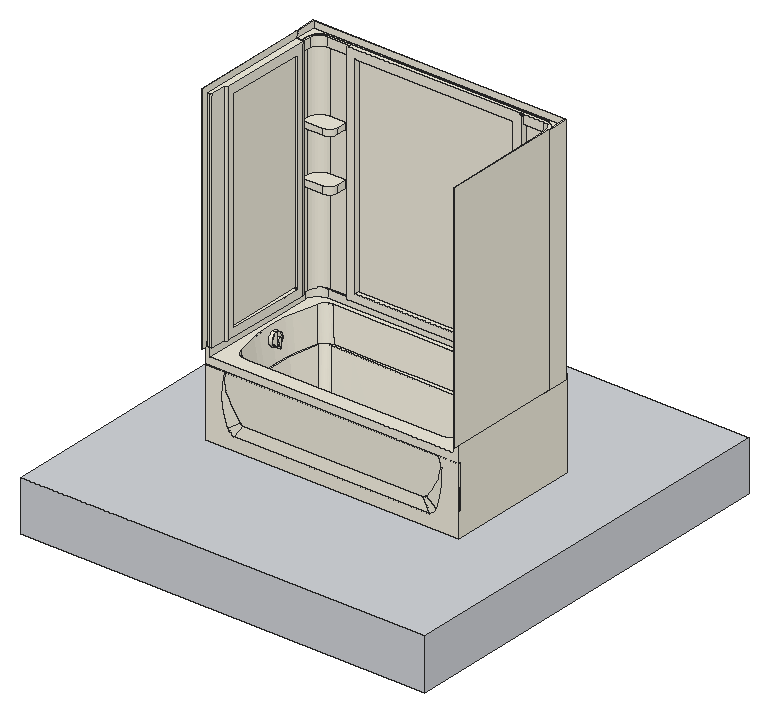
Revit family
Parameters (values of type "Vikrell-96-Biscuit")
  Width [instance] = 5' - 0"
  Waste Connection = yes
  WFU = 0
  URL = "http://www.sterlingplumbing.com/"
  Sanitary Radius = 1"
  Sanitary Drain Height = 0' - 2"
  Sanitary Diameter = Sanitary Radius * 2  # 2"
  Sanitary Connector = "Sanitary Connector"  # constant formula
  Product Page URL = "http://www.sterlingplumbing.com/detail?productNumber=71120110"
  Product Documentation Link = "http://www.sterlingplumbing.com/onlinecatalog/pdf/1032205_4.pdf"
  Model = "71120110"  # constant formula
  Manufacturer = "Sterling Plumbing"  # constant formula
  Length [instance] = 2' - 9 1/4"
  Height = 6' - 3 1/4"
  Finish = Vikrell-Kohler-96-Biscuit
  Description = "Ensemble, Series 7112, 60in x 32in x 74in Tile Bath/Shower - Left-hand Drain"  # constant formula
  Default Elevation = 0' - 0"
  Assembly Code = "D2010510"
Types (4): name | Height | Finish
  (no name) | 6' - 3 1/4" | Vikrell-Kohler-96-Biscuit
  Vikrell-0-White | 6' - 1 1/4" | Vikrell-Kohler-0-White
  Vikrell-47-Almond | 6' - 1 1/4" | Vikrell-Kohler-47-Almond
  Vikrell-96-Biscuit | 6' - 3 1/4" | Vikrell-Kohler-96-Biscuit
Reference planes (in)
  plane 1 "Center (Front/Back)": y = 0
  plane 2 "Bottom": z = 0
  plane 3 "Center (Left/Right)": x = 0
  plane 4 "Back": y = 16.625
  plane 5 "Front": y = -16.625
  plane 6 "Left": x = -30
  plane 7 "Right": x = 30
  plane 8 "Top": z = 75.25
  plane 9: z = 2
  plane 10: y = 1.125
Forms (in)
  Extrusion 1, solid
    sketch origin (0, 0, 0) x (1, 0, 0) y (0, 1, 0)
      loop
        line (-48, 48) -> (-48, -48) -> (48, -48) -> (48, 48) -> (-48, 48)
    from 0 to -12
  Extrusion 2, solid, material "Vikrell-Kohler-96-Biscuit" <- "Finish", not visible
    sketch origin (0, 0, 3) x (0, 1, 0) y (0, 0, 1)
      loop
        circle (1.125, -1) r 1
    from -29.60129 to -29.75249
Dimensions and locks (in)
  "Width": plane 6 "Left" to plane 7 "Right"
  "Length": plane 4 "Back" to plane 5 "Front"
  "Height": plane 8 "Top" to plane 2 "Bottom"
  "Sanitary Drain Height": plane 9 to level
  "Sanitary Radius": radius of Extrusion 2 sketch curve
  aligned and locked: plane 2 "Bottom" to Extrusion 1
  aligned and locked: level to Extrusion 1
  aligned and locked: plane 9 to Extrusion 2 sketch curve
  aligned and locked: plane 10 to Extrusion 2 sketch curve
Automatic sketch dimensions
  Extrusion 1 sketch curve to Extrusion 1 sketch curve = 8' - 0"  (x2)
Nested families (in)
  nested 1: "71120110" at (0, 0, 0), type "71120110"
Connectors (in)
  piping at (-29.75249, 1.125, 2), driven by "Sanitary Radius", driven by "Waste Connection", driven by "Sanitary Connector", driven by "WFU"
    settings: on Extrusion 2, index 1, connector radius 1", flow factor 0, pipe flow 0 GPM, pressure drop 0.00 psi, fitting loss kfactor 0, connector angle 0.00°, fixture units 0, flow configuration 3, flow direction 2, fitting loss method 0, system type 16, connector reference index -1, connector utility 1, adjustable connector yes, is connector primary yes, fitting loss table "", connector description "Sanitary Connector"
Definition of nested family "71120110"
  Parameters (values of type "71120110")
    Finish = Vikrell-Kohler-0-White
    Assembly Code = ""
  Reference planes (in)
    plane 1 "Center (Front/Back)": y = 0
    plane 2: z = 0
    plane 3 "Center (Left/Right)": x = 0
    plane 4: y = 16.625
    plane 5: x = -30
    plane 6: y = -16.625
    plane 7: x = 30
    plane 8: z = 75.25
  Forms (in)
    Extrusion 1, solid, material "Vikrell-Kohler-0-White" <- "Finish", detail levels coarse
      sketch origin (0, 0, 0) x (1, 0, 0) y (0, 1, 0)
        loop
          line (-30, 16.625) -> (-30, -16.625) -> (30, -16.625) -> (30, 16.625) -> (-30, 16.625)
      from 0 to 75.25
  Lines and regions (in)
    Masking region 1, detail levels coarse
      outline origin (0, 0, 0) x (1, 0, 0) y (0, 1, 0)
        loop
          line (-30, 16.625) -> (-30, -16.625) -> (30, -16.625) -> (30, 16.625) -> (-30, 16.625)
    Masking region 2, detail levels medium+fine
      outline origin (0, 0, 0) x (1, 0, 0) y (0, 1, 0)
        loop
          line (-29.89, -15.47499) -> (29.89, -15.47499) -> (29.89, -16.625) -> (29.99903, -16.625) -> (29.99903, 16.625) -> (-30, 16.625) -> (-30, -16.625) -> (-29.89, -16.625) -> (-29.89, -15.47499)
    Masking region 3
      outline origin (0, 0, 0) x (1, 0, 0) y (0, 0, 1)
        loop
          line (-30, 75.25) -> (-30, 0) -> (30, 0) -> (30, 75.25) -> (-30, 75.25)
    Masking region 4, detail levels coarse
      outline origin (0, 0, 0) x (0, 1, 0) y (0, 0, 1)
        loop
          line (16.625, 75.25) -> (-16.625, 75.25) -> (-16.625, 0) -> (16.625, 0) -> (16.625, 75.25)
    Masking region 5, detail levels medium+fine
      outline origin (0, 0, 0) x (0, 1, 0) y (0, 0, 1)
        loop
          line (16.38507, 75.25) -> (-16.625, 75.25) -> (-16.625, 0) -> (-15.47499, 0) -> (-15.47499, 17.99775) -> (15.5854, 17.99775) -> (15.5854, 19.82121) -> (16.625, 19.82121) -> (16.625, 21) -> (16.38507, 21) -> (16.38507, 75.25)
    symbolic lines, style "Masking Lines", detail levels medium+fine
      curve 1: line (-29.89, -16.625, 0) -> (-29.89, -15.375, 0)
      curve 2: line (-29.89, -15.375, 0) -> (-29.08426, -15.35902, 0)
      curve 3: arc (-29.08426, -15.35902, 0) -> (-28.91209, -15.2877, 0) -> (-28.84078, -15.11553, 0) r 0.24349
      curve 4: line (-28.84078, -15.11553, 0) -> (-28.79347, -11.57189, 0)
      curve 5: arc (-28.79347, -11.57189, 0) -> (-28.76277, -11.49776, 0) -> (-28.68864, -11.46706, 0) r 0.10483
      curve 6: arc (-28.68864, -11.46706, 0) -> (-28.39191, -11.30344, 0) -> (-28.2949, -10.97876, 0) r 0.44753
      curve 7: line (-28.2949, -10.97876, 0) -> (-28.01584, 10.89104, 0)
      curve 8: arc (-28.01584, 10.89104, 0) -> (-28.15203, 11.24613, 0) -> (-28.50033, 11.39882, 0) r 0.49332
      curve 9: line (-28.50033, 11.39882, 0) -> (-28.68868, 11.40211, 0)
      curve 10: line (-28.66063, 12.86742, 0) -> (-28.68868, 11.40211, 0)
      curve 11: arc (-25.66668, 15.81507, 0) -> (-27.76742, 14.95449, 0) -> (-28.66063, 12.86742, 0) r 2.99432
      curve 12: line (25.66668, 15.81507, 0) -> (-25.66668, 15.81507, 0)
      curve 13: arc (28.66063, 12.86742, 0) -> (27.76742, 14.95449, 0) -> (25.66668, 15.81507, 0) r 2.99432
      curve 14: line (28.68868, 11.40211, 0) -> (28.66063, 12.86742, 0)
      curve 15: line (28.50033, 11.39882, 0) -> (28.68868, 11.40211, 0)
      curve 16: arc (28.01584, 10.89104, 0) -> (28.15203, 11.24613, 0) -> (28.50033, 11.39882, 0) r 0.49332
      curve 17: line (28.2949, -10.97876, 0) -> (28.01584, 10.89104, 0)
      curve 18: arc (28.68864, -11.46706, 0) -> (28.39191, -11.30344, 0) -> (28.2949, -10.97876, 0) r 0.44753
      curve 19: arc (28.79347, -11.57189, 0) -> (28.76277, -11.49776, 0) -> (28.68864, -11.46706, 0) r 0.10483
      curve 20: line (28.84078, -15.11553, 0) -> (28.79347, -11.57189, 0)
      curve 21: arc (29.08426, -15.35902, 0) -> (28.91209, -15.2877, 0) -> (28.84078, -15.11553, 0) r 0.24349
      curve 22: line (29.89, -15.375, 0) -> (29.08426, -15.35902, 0)
      curve 23: line (29.89, -16.625, 0) -> (29.89, -15.375, 0)
      curve 81: arc (-24.75524, 0, 4.51566) -> (-26.07739, 0, 10.25445) -> (-25.36235, 0, 16.1) r 17.00101
      curve 82: arc (-23.26376, 0, 3.02418) -> (-24.15481, 0, 3.62461) -> (-24.75524, 0, 4.51566) r 2.80897
      curve 83: line (23.26376, 0, 3.02418) -> (-23.26376, 0, 3.02418)
      curve 84: arc (24.75524, 0, 4.51566) -> (24.15481, 0, 3.62461) -> (23.26376, 0, 3.02418) r 2.80897
      curve 85: arc (25.36235, 0, 16.1) -> (26.07739, 0, 10.25445) -> (24.75524, 0, 4.51566) r 17.00101
      curve 86: line (23.26376, 0, 3.02418) -> (21.22929, 0, 5.88053)
      curve 87: line (-21.22929, 0, 5.88053) -> (21.22929, 0, 5.88053)
      curve 88: arc (-21.22929, 0, 5.88053) -> (-24.10257, 0, 10.66399) -> (-25.36235, 0, 16.1) r 17.89011
      curve 89: arc (21.22929, 0, 5.88053) -> (24.10257, 0, 10.66399) -> (25.36235, 0, 16.1) r 17.89011
      curve 90: line (-28.9604, 0, 17.99775) -> (28.9604, 0, 17.99775)
      curve 91: line (28.9604, 0, 17.99775) -> (28.9604, 0, 73.81457)
      curve 92: line (28.9604, 0, 73.81457) -> (-28.9604, 0, 73.81457)
      curve 93: line (-28.9604, 0, 17.99775) -> (-28.9604, 0, 73.81457)
    symbolic lines, style "Masking Lines", detail levels fine
      curve 24: arc (-25.92335, -10.19098, 0) -> (-27.73909, 0.46782, 0) -> (-26.30809, 11.18507, 0) r 36.00177
      curve 25: line (-28.10244, 11.18507, 0) -> (-23.59325, 11.18507, 0)
      curve 26: arc (-23.59325, 11.18507, 0) -> (-22.18525, 11.76828, 0) -> (-21.60204, 13.17628, 0) r 1.99121
      curve 27: line (-21.60204, 13.17628, 0) -> (-21.55716, 15.29032, 0)
      curve 28: arc (-21.55716, 15.29032, 0) -> (-21.40272, 15.60199, 0) -> (-21.12777, 15.81507, 0) r 0.77707
      curve 29: line (-21.58657, 14.35926, 0) -> (21.56387, 14.43704, 0)
      curve 30: line (-21.59902, 13.31866, 0) -> (19.7179, 13.35656, 0)
      curve 31: line (-21.66054, 12.89042, 0) -> (19.57508, 11.80137, 0)
      curve 32: arc (-24.82224, -9.11085, 0) -> (-25.82389, -4.75706, 0) -> (-26.28035, -0.31292, 0) r 36.11525
      curve 33: arc (-23.00306, -10.67588, 0) -> (-24.16324, -10.18465, 0) -> (-24.82224, -9.11085, 0) r 2.06552
      curve 34: line (19.5751, -9.55137, 0) -> (-23.00306, -10.67588, 0)
      curve 35: arc (-25.14439, -9.3003, 0) -> (-24.25157, -10.58525, 0) -> (-22.7672, -11.08009, 0) r 2.48044
      curve 36: line (-22.7672, -11.08009, 0) -> (19.7182, -11.11823, 0)
      curve 37: arc (-25.2499, 11.18507, 0) -> (-26.18174, 6.96939, 0) -> (-26.61491, 2.67374, 0) r 36.90754
      curve 38: line (-27.06113, 2.76048, 0) -> (-26.28035, 2.60871, 0)
      curve 39: spline (-26.28035, 2.60871, 0) -> (-26.25994, 2.59888, 0) -> (-26.2398, 2.56953, 0) -> (-26.2202, 2.52105, 0) -> (-26.2014, 2.45407, 0) -> (-26.18364, 2.36948, 0) -> (-26.16717, 2.26841, 0) -> (-26.1522, 2.1522, 0) -> (-26.13892, 2.02239, 0) -> (-26.12752, 1.88069, 0) -> (-26.11815, 1.72899, 0) -> (-26.11092, 1.56929, 0) -> (-26.10594, 1.40372, 0)
      curve 40: line (-26.24256, 1.40372, 0) -> (-25.60827, 1.40372, 0)
      curve 41: line (-25.60827, 1.40372, 0) -> (-25.44573, 1.18832, 0)
      curve 42: line (-25.44573, 1.18832, 0) -> (-25.44573, 1.06168, 0)
      curve 43: line (-25.44573, 1.06168, 0) -> (-25.60827, 0.84628, 0)
      curve 44: line (-25.60827, 0.84628, 0) -> (-26.24256, 0.84628, 0)
      curve 45: spline (-26.24256, 0.84628, 0) -> (-26.24904, 0.85578, 0) -> (-26.25508, 0.88363, 0) -> (-26.26027, 0.92792, 0) -> (-26.26426, 0.98564, 0) -> (-26.26676, 1.05286, 0) -> (-26.26761, 1.125, 0) -> (-26.26676, 1.19714, 0) -> (-26.26426, 1.26436, 0) -> (-26.26027, 1.32208, 0) -> (-26.25508, 1.36638, 0) -> (-26.24904, 1.39422, 0) -> (-26.24256, 1.40372, 0)
      curve 46: spline (-26.10599, 0.84628, 0) -> (-26.11099, 0.68092, 0) -> (-26.11822, 0.52145, 0) -> (-26.12761, 0.36997, 0) -> (-26.13902, 0.2285, 0) -> (-26.15229, 0.0989, 0) -> (-26.16726, -0.01711, 0) -> (-26.18373, -0.118, 0) -> (-26.20147, -0.20243, 0) -> (-26.22026, -0.26929, 0) -> (-26.23984, -0.31768, 0) -> (-26.25996, -0.34698, 0) -> (-26.28035, -0.35679, 0)
      curve 47: arc (-26.28035, 2.60871, 0) -> (-25.84259, 6.93894, 0) -> (-24.88711, 11.18507, 0) r 36.11525
      curve 48: spline (-26.28035, -0.35679, 0) -> (-26.31315, -0.30626, 0) -> (-26.34371, -0.15814, 0) -> (-26.36995, 0.0775, 0) -> (-26.39009, 0.38459, 0) -> (-26.40275, 0.7422, 0) -> (-26.40707, 1.12596, 0) -> (-26.40275, 1.50973, 0) -> (-26.39009, 1.86734, 0) -> (-26.36995, 2.17442, 0) -> (-26.34371, 2.41006, 0) -> (-26.31315, 2.55819, 0) -> (-26.28035, 2.60871, 0)
      curve 49: spline (-27.06113, 2.76048, 0) -> (-27.09974, 2.70511, 0) -> (-27.13572, 2.54277, 0) -> (-27.16662, 2.28453, 0) -> (-27.19033, 1.94798, 0) -> (-27.20523, 1.55606, 0) -> (-27.21031, 1.13548, 0) -> (-27.20523, 0.7149, 0) -> (-27.19033, 0.32298, 0) -> (-27.16662, -0.01357, 0) -> (-27.13572, -0.27181, 0) -> (-27.09974, -0.43415, 0) -> (-27.06113, -0.48952, 0)
      curve 50: line (-27.06113, -0.48952, 0) -> (-26.28035, -0.35679, 0)
      curve 51: arc (-26.61533, -0.41373, 0) -> (-26.15198, -4.90206, 0) -> (-25.14439, -9.3003, 0) r 36.90754
      curve 52: arc (-23.28059, -12.11756, 0) -> (-24.94751, -11.62826, 0) -> (-25.92335, -10.19098, 0) r 2.57263
      curve 53: line (22.45177, -12.20777, 0) -> (-23.28059, -12.11756, 0)
      curve 54: line (-21.67697, -8.99247, 0) -> (15.17857, -7.92171, 0)
      curve 55: arc (-23.64338, -7.48796, 0) -> (-22.89853, -8.55175, 0) -> (-21.67697, -8.99247, 0) r 2.14966
      curve 56: arc (-23.64338, 9.73796, 0) -> (-24.64055, 1.125, 0) -> (-23.64338, -7.48796, 0) r 37.69549
      curve 57: arc (-21.67697, 11.24247, 0) -> (-22.90716, 10.81303, 0) -> (-23.64338, 9.73796, 0) r 2.0885
      curve 58: line (15.17856, 10.17171, 0) -> (-21.67697, 11.24247, 0)
      curve 59: arc (16.87267, 8.69904, 0) -> (16.2888, 9.73813, 0) -> (15.17856, 10.17171, 0) r 1.77066
      curve 60: arc (16.87267, -6.44902, 0) -> (17.65241, 1.12501, 0) -> (16.87267, 8.69904, 0) r 37.17548
      curve 61: arc (15.17857, -7.92171, 0) -> (16.27374, -7.47079, 0) -> (16.87267, -6.44902, 0) r 1.8545
      curve 62: arc (21.87002, -8.53388, 0) -> (20.78528, -9.18408, 0) -> (19.5751, -9.55137, 0) r 5.16809
      curve 63: arc (21.90569, 10.75726, 0) -> (23.35495, 1.10898, 0) -> (21.87002, -8.53388, 0) r 32.44147
      curve 64: arc (19.57508, 11.80137, 0) -> (20.8057, 11.42511, 0) -> (21.90569, 10.75726, 0) r 5.18291
      curve 65: arc (22.09918, -9.67, 0) -> (23.6014, 1.07948, 0) -> (22.12394, 11.83239, 0) r 39.53711
      curve 66: arc (21.66402, 12.68333, 0) -> (21.40242, 12.91115, 0) -> (21.10264, 13.08571, 0) r 1.83633
      curve 67: arc (21.10264, 13.08571, 0) -> (20.42656, 13.30446, 0) -> (19.7179, 13.35656, 0) r 2.97357
      curve 68: arc (21.12777, 15.81507, 0) -> (21.40272, 15.60199, 0) -> (21.55716, 15.29032, 0) r 0.77707
      curve 69: line (21.55716, 15.29032, 0) -> (21.60204, 13.17628, 0)
      curve 70: arc (21.60204, 13.17628, 0) -> (22.18525, 11.76828, 0) -> (23.59325, 11.18507, 0) r 1.99121
      curve 71: line (23.59325, 11.18507, 0) -> (28.10244, 11.18507, 0)
      curve 72: arc (25.37016, -10.4527, 0) -> (24.60783, -11.59349, 0) -> (23.34055, -12.11936, 0) r 2.36595
      curve 73: line (23.34055, -12.11936, 0) -> (22.45177, -12.20777, 0)
      curve 74: arc (26.00621, 11.18507, 0) -> (27.56748, 0.31094, 0) -> (25.37016, -10.4527, 0) r 32.09504
      curve 75: arc (-20.44087, 1.125, 0) -> (-21.5, 2.18413, 0) -> (-22.55913, 1.125, 0) r 1.05913
      curve 76: arc (-22.55913, 1.125, 0) -> (-21.5, 0.06587, 0) -> (-20.44087, 1.125, 0) r 1.05913
      curve 77: arc (-19.60956, 1.125, 0) -> (-21.5, 3.01544, 0) -> (-23.39044, 1.125, 0) r 1.89044
      curve 78: arc (-23.39044, 1.125, 0) -> (-21.5, -0.76544, 0) -> (-19.60956, 1.125, 0) r 1.89044
      curve 79: arc (21.10263, -10.83571, 0) -> (21.72842, -10.36187, 0) -> (22.09918, -9.67, 0) r 1.83632
      curve 80: arc (19.7182, -11.11823, 0) -> (20.42683, -11.05741, 0) -> (21.10263, -10.83571, 0) r 3.08071
      curve 94: line (-28.01584, 0, 42.94141) -> (-21.12777, 0, 42.94141)
      curve 95: line (-21.12777, 0, 44.53386) -> (-28.01584, 0, 44.53386)
      curve 96: line (-21.12777, 0, 42.94141) -> (-21.12777, 0, 44.53386)
      curve 97: line (-28.01584, 0, 55.37741) -> (-21.12777, 0, 55.37741)
      curve 98: line (-21.12777, 0, 56.76444) -> (-28.01584, 0, 56.76444)
      curve 99: line (-21.12777, 0, 55.37741) -> (-21.12777, 0, 56.76444)
      curve 100: line (-28.01584, 0, 75.25) -> (-28.01584, 0, 19.82121)
      curve 101: line (28.01584, 0, 56.76444) -> (21.12777, 0, 56.76444)
      curve 102: line (21.12777, 0, 55.37741) -> (28.01584, 0, 55.37741)
      curve 103: line (21.12777, 0, 56.76444) -> (21.12777, 0, 55.37741)
      curve 104: line (21.12777, 0, 44.53386) -> (21.12777, 0, 42.94141)
      curve 105: line (28.01584, 0, 44.53386) -> (21.12777, 0, 44.53386)
      curve 106: line (21.12777, 0, 42.94141) -> (28.01584, 0, 42.94141)
      curve 107: line (28.01584, 0, 75.25) -> (28.01584, 0, 19.82121)
      curve 108: line (-28.8053, 0, 71.69046) -> (-20.8194, 0, 71.69046)
      curve 109: line (20.8194, 0, 20.31011) -> (20.8194, 0, 73.21926)
      curve 110: arc (20.8194, 0, 73.21926) -> (20.64504, 0, 73.64021) -> (20.2241, 0, 73.81457) r 0.59531
      curve 111: arc (20.36349, 0, 19.82121) -> (20.68774, 0, 19.97587) -> (20.8194, 0, 20.31011) r 0.4901
      curve 112: line (-20.29512, 0, 19.82121) -> (20.36349, 0, 19.82121)
      curve 113: arc (-20.8194, 0, 20.31011) -> (-20.66355, 0, 19.95168) -> (-20.29512, 0, 19.82121) r 0.4901
      curve 114: line (-18.76239, 0, 21.81244) -> (-18.76239, 0, 71.69046)
      curve 115: line (18.7624, 0, 21.81244) -> (-18.76239, 0, 21.81244)
      curve 116: line (18.7624, 0, 71.69046) -> (18.7624, 0, 21.81244)
      curve 117: arc (-20.2241, 0, 73.81457) -> (-20.64504, 0, 73.64021) -> (-20.8194, 0, 73.21926) r 0.59531
      curve 118: line (-20.8194, 0, 73.21926) -> (-20.8194, 0, 20.31011)
      curve 119: line (-18.76239, 0, 71.69046) -> (18.7624, 0, 71.69046)
      curve 120: line (20.8194, 0, 71.69046) -> (28.8053, 0, 71.69046)
      curve 121: line (-20.29512, 0, 19.82121) -> (-28.9604, 0, 19.82121)
      curve 122: line (20.36349, 0, 19.82121) -> (28.9604, 0, 19.82121)
      curve 123: line (0, 16.38507, 21) -> (0, -15.47499, 21)
      curve 124: line (0, -15.47499, 17.99775) -> (0, -15.47499, 73.81457)
      curve 125: line (0, -15.47499, 73.81457) -> (0, 16.38507, 73.81457)
      curve 126: line (0, 14.43994, 17.99775) -> (0, 11.35319, 0.77213)
      curve 127: line (0, 11.35319, 0.77213) -> (0, -8.89681, 0.77213)
      curve 128: line (0, -8.89681, 0.77213) -> (0, -12.20777, 17.99775)
      curve 129: circle (0, 1.14779, 15.36351) r 1.5 normal (1, 0, 0)
  Dimensions and locks (in)
    equal spacing: plane 5, plane 3 "Center (Left/Right)", plane 7
    equal spacing: plane 4, plane 1 "Center (Front/Back)", plane 6
    plane 6 to plane 4 = 2' - 9 1/4"
    plane 5 to plane 7 = 5' - 0"
    plane 8 to plane 2 = 6' - 3 1/4"
    aligned and locked: plane 2 to level
  Automatic sketch dimensions
    Masking region 1 sketch curve to plane 5 = 0' - 0"
    Masking region 1 sketch curve to plane 7 = 0' - 0"
    plane 6 to Masking region 1 sketch curve = 0' - 0"
    plane 4 to Masking region 1 sketch curve = 0' - 0"
    Masking region 2 sketch curve to plane 4 = 0' - 0"
    Masking region 2 sketch curve to plane 5 = 0' - 0"
    plane 6 to Masking region 2 sketch curve = 0' - 0"  (x2)
    plane 5 to Masking region 2 sketch curve = 0' - 0.11"
    plane 7 to Masking region 2 sketch curve = 0' - 0.11"
    plane 7 to Masking region 2 sketch curve = 0' - 0.00097"
    Masking region 2 sketch curve to plane 6 = 0' - 1.15001"
    curve 32 to curve 47 = 0' - 0"  (x2)
    curve 37 to curve 51 = 0' - 0"  (x2)
    plane 6 to curve 1 = 0' - 0"
    plane 6 to curve 23 = 0' - 0"
    plane 5 to curve 1 = 0' - 0.11"
    curve 1 to curve 3 = 0' - 0.80574"
    curve 3 to curve 4 = 0' - 0.24349"
    plane 5 to curve 4 = 0' - 1.20653"
    curve 4 to curve 6 = 0' - 0.05319"
    plane 5 to curve 10 = 0' - 1.31132"
    curve 4 to curve 6 = 0' - 0.10483"
    plane 5 to curve 10 = 0' - 1.33937"
    curve 9 to curve 8 = 0' - 0.17974"
    curve 9 to curve 9 = 0' - 0.18835"
    curve 6 to curve 7 = 0' - 0.44538"
    curve 8 to curve 25 = 0' - 0.3979"
    curve 25 to curve 7 = 0' - 0.08659"
    plane 5 to curve 38 = 0' - 2.93887"
    curve 50 to curve 51 = 0' - 0.4458"
    curve 49 to curve 37 = 0' - 0.44622"
    curve 8 to curve 24 = 0' - 1.70776"
    curve 37 to curve 47 = 0' - 0.33456"
    curve 32 to curve 46 = 0' - 0"
    curve 48 to curve 44 = 0' - 0.03779"
    curve 44 to curve 46 = 0' - 0.13657"
    curve 40 to curve 39 = 0' - 0.13661"
    curve 7 to curve 24 = 0' - 2.37154"
    curve 24 to curve 11 = 0' - 0.64141"
    curve 41 to plane 1 "Center (Front/Back)" = 0' - 1.40372"
    curve 39 to curve 41 = 0' - 0.49767"
    curve 46 to curve 44 = 0' - 0.49772"
    curve 43 to plane 1 "Center (Front/Back)" = 0' - 1.06168"
    curve 43 to curve 43 = 0' - 0.16254"
    curve 24 to curve 37 = 0' - 1.05819"
    curve 24 to curve 51 = 0' - 0.77896"
    curve 35 to curve 51 = 0' - 0"
    curve 37 to curve 47 = 0' - 0.36279"
    curve 35 to curve 33 = 0' - 0.32216"
    curve 47 to curve 57 = 0' - 1.24373"
    curve 33 to curve 56 = 0' - 1.17886"
    curve 47 to curve 25 = 0' - 1.29386"
    curve 33 to curve 52 = 0' - 1.39023"
    curve 41 to curve 77 = 0' - 2.05529"
    curve 52 to curve 52 = 0' - 0.15142"
    curve 52 to curve 34 = 0' - 0.42895"
    curve 52 to curve 33 = 0' - 0.61584"
    curve 34 to curve 36 = 0' - 0.23586"
    curve 33 to curve 35 = 0' - 0.0512"
    curve 77 to curve 75 = 0' - 0.83131"
    curve 35 to curve 54 = 0' - 1.088"
    curve 25 to curve 57 = 0' - 1.91628"
    curve 31 to plane 4 = 0' - 3.73458"
    curve 58 to curve 31 = 0' - 0.01643"
    curve 57 to curve 57 = 0' - 2.00529"
    curve 27 to plane 4 = 0' - 3.44872"
    curve 31 to curve 27 = 0' - 0.0585"
    curve 30 to plane 4 = 0' - 3.30634"
    curve 27 to curve 30 = 0' - 0.00302"
    curve 35 to curve 55 = 0' - 1.17268"
    curve 29 to plane 4 = 0' - 2.26574"
    curve 30 to curve 29 = 0' - 0.01245"
    curve 27 to plane 4 = 0' - 1.33468"
    curve 75 to curve 75 = 0' - 1.05913"
    curve 75 to curve 78 = 0' - 0"
    curve 28 to curve 28 = 0' - 0.42939"
    curve 27 to curve 28 = 0' - 0.75584"
    curve 77 to curve 60 = 0' - 0.08649"
    curve 65 to plane 1 "Center (Front/Back)" = 0' - 1 1/8"
    curve 60 to curve 65 = 0' - 3.58738"
    curve 63 to plane 1 "Center (Front/Back)" = 0' - 1.16897"
    curve 65 to curve 63 = 0' - 6.84923"
    curve 74 to plane 1 "Center (Front/Back)" = 0' - 1.25398"
    curve 74 to plane 3 "Center (Left/Right)" = 0' - 4.5137"
    curve 24 to plane 1 "Center (Front/Back)" = 0' - 1.11569"
    curve 24 to curve 47 = 0' - 1.5485"
    curve 32 to curve 37 = 0' - 0.45477"
    curve 56 to plane 1 "Center (Front/Back)" = 0' - 1 1/8"
    curve 37 to curve 56 = 0' - 2.79482"
    curve 56 to curve 61 = 0' - 2.00213"
    curve 56 to curve 59 = 0' - 2.0722"
    curve 59 to curve 59 = 0' - 0.05142"
    curve 61 to curve 61 = 0' - 0.12149"
    curve 61 to curve 60 = 0' - 1.8156"
    curve 61 to curve 60 = 0' - 0"
    curve 59 to curve 59 = 0' - 1.74553"
    curve 60 to curve 64 = 0' - 1.81403"
    curve 61 to curve 62 = 0' - 1.81791"
    curve 31 to plane 4 = 0' - 4.82363"
    curve 59 to curve 31 = 0' - 2.70241"
    curve 60 to curve 34 = 0' - 2.70243"
    curve 64 to curve 67 = 0' - 0.14281"
    curve 34 to curve 36 = 0' - 0.1431"
    curve 34 to curve 80 = 0' - 0.23574"
    curve 31 to curve 67 = 0' - 0.28067"
    curve 64 to curve 66 = 0' - 0.75754"
    curve 34 to curve 79 = 0' - 0.75753"
    curve 30 to curve 68 = 0' - 1.08342"
    curve 80 to curve 80 = 0' - 1.38443"
    curve 79 to curve 80 = 0' - 0"
    curve 30 to curve 66 = 0' - 1.38474"
    curve 67 to curve 66 = 0' - 0"
    curve 68 to curve 68 = 0' - 0.32645"
    curve 69 to plane 4 = 0' - 1.33468"
    curve 68 to curve 69 = 0' - 0.42939"
    curve 29 to plane 4 = 0' - 2.18796"
    curve 69 to curve 29 = 0' - 0.00671"
    curve 69 to plane 4 = 0' - 3.44872"
    curve 67 to curve 69 = 0' - 0.4994"
    curve 69 to curve 66 = 0' - 0.06198"
    curve 79 to curve 62 = 0' - 1.53739"
    curve 66 to curve 64 = 0' - 1.57306"
    curve 63 to curve 79 = 0' - 0.22916"
    curve 65 to curve 79 = 0' - 0"
    curve 66 to curve 65 = 0' - 0.45992"
    curve 80 to curve 73 = 0' - 1.34914"
    curve 79 to curve 72 = 0' - 1.00717"
    curve 53 to curve 72 = 0' - 0.88878"
    curve 70 to curve 70 = 0' - 1.99121"
    curve 72 to curve 72 = 0' - 2.26381"
    curve 70 to curve 13 = 0' - 2.07343"
    curve 13 to curve 74 = 0' - 0.33953"
    plane 7 to curve 16 = 0' - 1.98416"
    curve 16 to curve 71 = 0' - 0.08659"
    plane 7 to curve 18 = 0' - 1.7051"
    curve 71 to curve 15 = 0' - 0.3979"
    curve 16 to curve 16 = 0' - 0.4931"
    plane 7 to curve 14 = 0' - 1.33937"
    curve 18 to curve 18 = 0' - 0.39374"
    curve 15 to curve 14 = 0' - 0.18835"
    curve 19 to curve 18 = 0' - 0.05164"
    curve 19 to curve 20 = 0' - 0.10483"
    plane 7 to curve 20 = 0' - 1.15922"
    curve 20 to curve 21 = 0' - 0.24349"
    plane 7 to curve 23 = 0' - 0.11"
    curve 1 to curve 2 = 0' - 1 1/4"
    curve 22 to plane 6 = 0' - 1 1/4"
    curve 22 to curve 21 = 0' - 0.01598"
    curve 1 to curve 3 = 0' - 0.01598"
    curve 53 to curve 80 = 0' - 1.37206"
    curve 53 to curve 73 = 0' - 0.08841"
    curve 53 to curve 52 = 0' - 1.92658"
    curve 21 to curve 20 = 0' - 3.54364"
    curve 4 to curve 52 = 0' - 1.3809"
    curve 53 to curve 36 = 0' - 1.03748"
    curve 6 to curve 6 = 0' - 0.44454"
    curve 19 to curve 18 = 0' - 0.44454"
    curve 35 to curve 33 = 0' - 0.40421"
    curve 62 to curve 79 = 0' - 0.38274"
    curve 24 to curve 35 = 0' - 0.89068"
    curve 35 to curve 33 = 0' - 0.18945"
    curve 55 to curve 35 = 0' - 0.39282"
    curve 79 to curve 62 = 0' - 1.13612"
    curve 80 to curve 54 = 0' - 0.11721"
    curve 33 to curve 55 = 0' - 1.13087"
    curve 54 to curve 61 = 0' - 1.47268"
    curve 50 to curve 51 = 0' - 0.07579"
    curve 46 to curve 32 = 0' - 0.04387"
    curve 45 to curve 48 = 0' - 0.27968"
    curve 76 to plane 1 "Center (Front/Back)" = 0' - 1 1/8"
    curve 77 to curve 60 = 0' - 0"
    curve 46 to curve 48 = 0' - 0"
    curve 39 to curve 46 = 0' - 0"
    curve 39 to curve 49 = 0' - 0.00952"
    curve 42 to curve 41 = 0' - 0.12664"
    curve 59 to curve 60 = 0' - 0.29724"
    curve 57 to curve 57 = 0' - 0.58363"
    curve 67 to curve 31 = 0' - 1.41518"
    curve 7 to curve 25 = 0' - 0.29403"
    curve 16 to curve 71 = 0' - 0.29403"
    curve 9 to curve 9 = 0' - 0.00329"
    curve 15 to curve 14 = 0' - 0.00329"
    curve 37 to curve 11 = 0' - 1.63568"
    curve 74 to curve 13 = 0' - 1.63568"
    curve 9 to curve 11 = 0' - 1.46531"
    Masking region 3 sketch curve to plane 5 = 0' - 0"
    Masking region 3 sketch curve to plane 7 = 0' - 0"
    Masking region 3 sketch curve to level = 0' - 0"
    plane 8 to Masking region 3 sketch curve = 0' - 0"
    curve 100 to plane 8 = 0' - 0"
    curve 107 to plane 8 = 0' - 0"
    plane 5 to curve 93 = 0' - 1.0396"
    plane 5 to curve 108 = 0' - 1.1947"
    plane 5 to curve 98 = 0' - 1.98416"
    curve 90 to curve 81 = 0' - 3.59805"
    level to curve 81 = 0' - 4.51566"
    plane 5 to curve 81 = 0' - 5.24476"
    curve 82 to curve 81 = 0' - 0"
    curve 81 to curve 83 = 0' - 1.49147"
    curve 81 to curve 82 = 0' - 2.58667"
    curve 82 to curve 87 = 0' - 0.93928"
    curve 95 to curve 96 = 0' - 6.88807"
    curve 98 to curve 99 = 0' - 6.88807"
    curve 118 to plane 8 = 0' - 2.03074"
    curve 100 to curve 118 = 0' - 7.19644"
    curve 113 to curve 113 = 0' - 0.4901"
    curve 113 to curve 113 = 0' - 0.03419"
    curve 117 to curve 117 = 0' - 0.59531"
    curve 113 to curve 114 = 0' - 1.56691"
    curve 81 to plane 3 "Center (Left/Right)" = 0' - 9.09968"
    curve 81 to curve 88 = 0' - 1.5822"
    plane 3 "Center (Left/Right)" to curve 89 = 0' - 7.51748"
    curve 89 to curve 85 = 0' - 1.5822"
    plane 7 to curve 115 = 0' - 11.2376"
    curve 116 to curve 110 = 0' - 1.4617"
    curve 115 to curve 111 = 0' - 1.5669"
    curve 111 to curve 112 = 0' - 0.03419"
    curve 110 to curve 110 = 0' - 0.59531"
    plane 7 to curve 104 = 0' - 8.87223"
    plane 7 to curve 103 = 0' - 8.87223"
    level to curve 86 = 0' - 5.88053"
    plane 7 to curve 86 = 0' - 8.77071"
    curve 89 to curve 84 = 0' - 0.93928"
    curve 84 to curve 84 = 0' - 1.09519"
    curve 83 to curve 85 = 0' - 1.49147"  (x2)
    curve 84 to curve 85 = 0' - 0"
    plane 7 to curve 89 = 0' - 4.63765"
    plane 7 to curve 120 = 0' - 1.1947"
    plane 7 to curve 91 = 0' - 1.0396"
    curve 107 to curve 122 = 0' - 0.94456"
    curve 82 to curve 81 = 0' - 1.49147"
    curve 88 to curve 90 = 0' - 1.89775"
    curve 81 to curve 121 = 0' - 3.72121"
    curve 113 to curve 115 = 0' - 1.50233"
    curve 114 to curve 96 = 1' - 9.12897"
    curve 115 to curve 106 = 1' - 9.12897"
    curve 104 to curve 105 = 0' - 1.59245"
    curve 94 to curve 95 = 0' - 1.59245"
    curve 104 to curve 103 = 0' - 10.84355"
    curve 95 to curve 97 = 0' - 10.84355"
    curve 102 to curve 101 = 0' - 1.38703"
    curve 97 to curve 98 = 0' - 1.38703"
    curve 116 to curve 110 = 0' - 1.5288"
    curve 120 to curve 91 = 0' - 2.1241"
    curve 108 to curve 118 = 0' - 1.5288"
    plane 8 to Masking region 4 sketch curve = 0' - 0"
    plane 6 to Masking region 4 sketch curve = 0' - 0"
    plane 4 to Masking region 4 sketch curve = 0' - 0"
    Masking region 4 sketch curve to level = 0' - 0"
    Masking region 5 sketch curve to plane 6 = 0' - 0"
    Masking region 5 sketch curve to level = 0' - 0"
    Masking region 5 sketch curve to plane 8 = 0' - 0"
    Masking region 5 sketch curve to plane 4 = 0' - 0"
    Masking region 5 sketch curve to plane 6 = 0' - 1.15001"
    Masking region 5 sketch curve to plane 4 = 0' - 1.0396"
    Masking region 5 sketch curve to plane 4 = 0' - 0.23993"
    level to Masking region 5 sketch curve = 1' - 5.99775"
    Masking region 5 sketch curve to Masking region 5 sketch curve = 0' - 1.82346"
    Masking region 5 sketch curve to Masking region 5 sketch curve = 0' - 1.17879"
    curve 123 to plane 6 = 0' - 1.15001"
    curve 124 to curve 128 = 0' - 3.26723"
    level to curve 127 = 0' - 0.77213"
    curve 127 to plane 6 = 0' - 7.72819"
    curve 129 to plane 1 "Center (Front/Back)" = 0' - 1.14779"
    curve 126 to plane 4 = 0' - 5.27181"
    curve 126 to plane 4 = 0' - 2.18506"
    curve 123 to plane 4 = 0' - 0.23993"
    curve 125 to plane 4 = 0' - 0.23993"
    curve 124 to curve 128 = 0' - 0"
    curve 124 to curve 123 = 0' - 3.00225"
    curve 124 to plane 8 = 0' - 1.43543"
    level to curve 129 = 1' - 3.36351"
    curve 129 to curve 126 = 0' - 2.63424"
    curve 129 to curve 124 = 0' - 2.63424"
    Extrusion 1 sketch curve to plane 5 = 0' - 0"
    plane 6 to Extrusion 1 sketch curve = 0' - 0"
    Extrusion 1 sketch curve to plane 7 = 0' - 0"
    plane 4 to Extrusion 1 sketch curve = 0' - 0"
    radius of curve 129 = 0' - 1 1/2"
  Nested families (in)
    nested 1: "Tub" at (0, 0.575, 0), type "Tub"
    nested 2: "Back Wall" at (0, 13.31866, 19.82121), type "Back Wall"
    nested 3: "Side Panel" at (-29.00792, -2.6, 19.82121), type "Side Panel"
    nested 4: "Side Panel" at (29.00792, -2.6, 19.82121) x (-1, 0, 0) z (0, 0, 1), type "Side Panel"
  Definition of nested family "Tub"
    Parameters (values of type "Tub")
      Finish = Vikrell-Kohler-0-White
      Assembly Code = ""
    Reference planes (in)
      plane 1 "Center (Front/Back)": y = 0
      plane 2: z = 0
      plane 3 "Center (Left/Right)": x = 0
      plane 4: x = -29.99903
      plane 5: x = 29.99903
      plane 6: y = 16.05
      plane 7: y = -16.05
      plane 8: z = 21
      plane 9 "Drain Center": y = 0.55
    Forms (in)
      Extrusion 1, solid, material "Vikrell-Kohler-0-White" <- "Finish", detail levels medium+fine
        sketch origin (0, 0, 0) x (1, 0, 0) y (0, 1, 0)
          loop
            line (-29.99903, 16.05) -> (-29.99903, -16.05) -> (29.99903, -16.05) -> (29.99903, 16.05) -> (-29.99903, 16.05)
        from 0 to 21
      Extrusion 2, void
        sketch origin (0, 0, 0) x (1, 0, 0) y (0, 1, 0)
          loop
            line (-28.95292, -16.9395) -> (28.9604, -16.9395) -> (28.9604, 11.88974)
            arc (28.9604, 11.88974) -> (28.04635, 14.09641) -> (25.83965, 15.01039) r 3.12066
            line (25.83965, 15.01039) -> (-25.84139, 15.00884)
            arc (-25.84139, 15.00884) -> (-28.04687, 14.09524) -> (-28.9604, 11.88974) r 3.1191
            line (-28.9604, 11.88974) -> (-28.95292, -16.9395)
        from 17.99775 to 21
      Blend 3, void
        base sketch origin (0, 0, 0) x (1, 0, 0) y (0, 1, 0)
          loop
            arc (-25.92335, 11.84736) -> (-27.74492, 0.54069) -> (-25.92335, -10.76598) r 36.00177
            arc (-25.92335, -10.76598) -> (-24.94751, -12.20326) -> (-23.28059, -12.69257) r 2.57263
            line (-23.28059, -12.69257) -> (22.45177, -12.78277) -> (23.34055, -12.69436)
            arc (23.34055, -12.69436) -> (24.60783, -12.16849) -> (25.37016, -11.0277) r 2.36595
            arc (25.37016, -11.0277) -> (27.58108, 0.54989) -> (25.46336, 12.14489) r 32.09504
            arc (25.46336, 12.14489) -> (24.53873, 13.34307) -> (23.11809, 13.86494) r 2.73107
            line (23.11809, 13.86494) -> (-23.70029, 13.77756)
            arc (-23.70029, 13.77756) -> (-25.0971, 13.14103) -> (-25.92335, 11.84736) r 2.70753
        top sketch origin (0, 0, 0) x (1, 0, 0) y (0, 1, 0)
          loop
            line (19.7179, 12.78156) -> (-22.76719, 12.75508)
            arc (-22.76719, 12.75508) -> (-24.25156, 12.26025) -> (-25.14439, 10.9753) r 2.48043
            arc (-25.14439, 10.9753) -> (-26.64742, 0.55) -> (-25.14439, -9.87531) r 36.90754
            arc (-25.14439, -9.87531) -> (-24.25157, -11.16025) -> (-22.7672, -11.65509) r 2.48044
            line (-22.7672, -11.65509) -> (19.7182, -11.69323)
            arc (19.7182, -11.69323) -> (20.42683, -11.63242) -> (21.10263, -11.41071) r 3.08071
            arc (21.10263, -11.41071) -> (21.72842, -10.93687) -> (22.09918, -10.245) r 1.83632
            arc (22.09918, -10.245) -> (23.60142, 0.55) -> (22.09918, 11.345) r 39.53711
            arc (22.09918, 11.345) -> (21.72843, 12.03686) -> (21.10264, 12.5107) r 1.83633
            arc (21.10264, 12.5107) -> (20.42656, 12.72945) -> (19.7179, 12.78156) r 2.97357
        from 17.99775 to 10.26289
      Blend 4, void
        base sketch origin (0, 0, 0) x (1, 0, 0) y (0, 1, 0)
          loop
            arc (-24.83232, 10.79755) -> (-26.3099, 0.55512) -> (-24.82224, -9.68585) r 36.11525
            arc (-24.82224, -9.68585) -> (-24.16324, -10.75965) -> (-23.00306, -11.25089) r 2.06552
            line (-23.00306, -11.25089) -> (19.5751, -10.12637)
            arc (19.5751, -10.12637) -> (20.78528, -9.75909) -> (21.87002, -9.10888) r 5.16809
            arc (21.87002, -9.10888) -> (23.35495, 0.53398) -> (21.90569, 10.18226) r 32.44147
            arc (21.90569, 10.18226) -> (20.8057, 10.85011) -> (19.57508, 11.22637) r 5.18291
            line (19.57508, 11.22637) -> (-23.0031, 12.35088)
            arc (-23.0031, 12.35088) -> (-24.15263, 11.85087) -> (-24.83232, 10.79755) r 2.16487
        top sketch origin (0, 0, 0) x (1, 0, 0) y (0, 1, 0)
          loop
            arc (-23.64338, 9.16296) -> (-24.64055, 0.55) -> (-23.64338, -8.06297) r 37.69549
            arc (-23.64338, -8.06297) -> (-22.89853, -9.12675) -> (-21.67697, -9.56747) r 2.14966
            line (-21.67697, -9.56747) -> (15.17857, -8.49671)
            arc (15.17857, -8.49671) -> (16.27374, -8.0458) -> (16.87267, -7.02403) r 1.8545
            arc (16.87267, -7.02403) -> (17.65241, 0.55001) -> (16.87267, 8.12404) r 37.17548
            arc (16.87267, 8.12404) -> (16.2888, 9.16313) -> (15.17856, 9.59671) r 1.77066
            line (15.17856, 9.59671) -> (-21.67697, 10.66747)
            arc (-21.67697, 10.66747) -> (-22.90716, 10.23803) -> (-23.64338, 9.16296) r 2.0885
        from 10.26289 to 0.86864
      Extrusion 5, void
        sketch origin (0, 0, 0) x (1, 0, 0) y (0, 1, 0)
          loop
            circle (-21.5, 0.55) r 1.89044
        from -0.83805 to 1.1595
      Revolve 6, solid, material "Vikrell-Kohler-0-White" <- "Finish", detail levels medium+fine
        sketch origin (0, 0.55, 0) x (1, 0, 0) y (0, 0, 1)
          loop
            arc (-22.8875, 0.591) -> (-23.10265, 0.79561) -> (-23.39044, 0.86864) r 0.58653
            line (-23.39044, 0.86864) -> (-23.47091, 0.86864) -> (-23.47091, 0.80359) -> (-23.39059, 0.80359)
            arc (-23.39059, 0.80359) -> (-23.1539, 0.74745) -> (-22.96764, 0.591) r 0.52704
            line (-22.96764, 0.591) -> (-22.8875, 0.591)
          axis (-21.5, 0.86864) -> (-21.5, 0.591)
        angle from 0 to 360
      Revolve 7, solid, material "Vikrell-Kohler-0-White" <- "Finish", detail levels medium+fine
        sketch origin (0, 0.55, 0) x (1, 0, 0) y (0, 0, 1)
          loop
            arc (-21.5, 0.841) -> (-22.03551, 0.79031) -> (-22.55913, 0.66718) r 3.94139
            arc (-22.55913, 0.66718) -> (-22.58074, 0.61565) -> (-22.53626, 0.58183) r 0.04563
            line (-22.53626, 0.58183) -> (-21.5, 0.591) -> (-21.5, 0.841)
          axis (-21.5, 0.841) -> (-21.5, 0.58183)
        angle from 0 to 360
      Revolve 8, solid, material "Vikrell-Kohler-0-White" <- "Finish", detail levels medium+fine
        sketch origin (0, 0.55, 0) x (1, 0, 0) y (0, 0, 1)
          loop
            line (-27.20521, 16.99948) -> (-27.06279, 15.37149) -> (-26.23179, 15.44419) -> (-26.35561, 16.85962)
            arc (-26.35561, 16.85962) -> (-26.37046, 16.89727) -> (-26.40657, 16.91554) r 0.05691
            line (-26.40657, 16.91554) -> (-27.20521, 16.99948)
          axis (-26.23179, 15.44419) -> (-27.06279, 15.37149)
        angle from 0 to 360
      Extrusion 9, solid, material "Vikrell-Kohler-0-White" <- "Finish", detail levels medium+fine
        sketch origin (1.27899, 0, 2.34571) x (0, 1, 0) y (-0.087015, 0, 0.996207)
          loop
            line (0.61332, 13.69685) -> (0.82871, 15.56477)
            arc (0.82871, 15.56477) -> (0.55, 15.84348) -> (0.27128, 15.56477) r 0.27872
            line (0.27128, 15.56477) -> (0.48668, 13.69685) -> (0.61332, 13.69685)
        from -25.63011 to -26.26681
      Extrusion 10, void
        sketch origin (0, 0, 0) x (1, 0, 0) y (0, 1, 0)
          loop
            line (-29.76714, -16.68994) -> (29.75289, -16.68994) -> (29.75289, 15.81006) -> (-29.76714, 15.81006) -> (-29.76714, -16.68994)
        from 20.04641 to 21
      Blend 11, void
        base sketch origin (0, 0, 0) x (1, 0, 0) y (0, 0, 1)
          loop
            arc (-25.36235, 16.1) -> (-26.07739, 10.25445) -> (-24.75524, 4.51566) r 17.00101
            arc (-24.75524, 4.51566) -> (-24.15481, 3.62461) -> (-23.26376, 3.02418) r 2.80897
            line (-23.26376, 3.02418) -> (23.26376, 3.02418)
            arc (23.26376, 3.02418) -> (24.15481, 3.62461) -> (24.75524, 4.51566) r 2.80897
            arc (24.75524, 4.51566) -> (26.07739, 10.25445) -> (25.36235, 16.1) r 17.00101
            line (25.36235, 16.1) -> (-25.36235, 16.1)
        top sketch origin (0, 0, 0) x (1, 0, 0) y (0, 0, 1)
          loop
            line (-25.36235, 16.1) -> (-21.9959, 6.32313)
            arc (-21.9959, 6.32313) -> (-21.69534, 5.95852) -> (-21.22929, 5.88053) r 0.67464
            line (-21.22929, 5.88053) -> (21.22929, 5.88053)
            arc (21.22929, 5.88053) -> (21.69534, 5.95852) -> (21.9959, 6.32313) r 0.67464
            line (21.9959, 6.32313) -> (25.36235, 16.1) -> (-25.36235, 16.1)
        from 16.05 to 15.74843
      Extrusion 12, solid, material "Vikrell-Kohler-0-White" <- "Finish", detail levels medium+fine
        sketch origin (0, 0, 0) x (0, 1, 0) y (0, 0, 1)
          loop
            line (-15.74843, 5.86813) -> (-15.74843, 16.1) -> (-16.05, 16.1) -> (-15.74843, 5.86813)
        from -29.99903 to 29.99903
    Cuts and joins
      Extrusion 2, Blend 3, Blend 4, Extrusion 5, Extrusion 10, Blend 11 cuts Extrusion 1
    Dimensions and locks (in)
      aligned and locked: plane 2 to level
  Definition of nested family "Back Wall"
    Parameters (values of type "Back Wall")
      Finish = none
      Assembly Code = ""
    Reference planes (in)
      plane 1 "Center (Front/Back)": y = 0
      plane 2: z = 0
      plane 3 "Center (Left/Right)": x = 0
      plane 4: x = -29.99903
      plane 5: x = 29.99903
      plane 6: y = 3.0664
      plane 7: y = -3.0664
      plane 8: z = 55.42879
    Forms (in)
      Extrusion 1, solid, material <- "Finish", detail levels medium+fine
        sketch origin (0, 0, 0) x (1, 0, 0) y (0, 1, 0)
          loop
            line (-29.99903, 3.0664) -> (-29.99903, -3.0664) -> (29.99903, -3.0664) -> (29.99903, 3.0664) -> (-29.99903, 3.0664)
        from 0 to 55.42879
      Extrusion 2, void
        sketch origin (0, 0, 0) x (0, 1, 0) y (0, 0, 1)
          loop
            line (3.0664, 55.42879) -> (3.0664, 56.1222) -> (-4.3164, 56.1222) -> (-4.3164, 47.6222) -> (-3.0664, 47.6222) -> (-2.02289, 53.88037)
            arc (-2.02289, 53.88037) -> (-1.77382, 54.79346) -> (-0.962, 55.28002) r 1.26859
            line (-0.962, 55.28002) -> (3.0664, 55.42879)
        from -29.99903 to 29.99903
      Extrusion 3, void
        sketch origin (0, 0, 0) x (1, 0, 0) y (0, 1, 0)
          loop
            arc (-25.66668, 2.4964) -> (-27.76742, 1.63583) -> (-28.66063, -0.45124) r 2.99432
            line (-28.66063, -0.45124) -> (-28.69064, -2.01893)
            arc (-28.69064, -2.01893) -> (-28.72423, -2.10001) -> (-28.8053, -2.1336) r 0.11466
            line (-28.8053, -2.1336) -> (-29.3732, -2.1336) -> (-29.46394, -3.17311) -> (29.46394, -3.17311) -> (29.3732, -2.1336) -> (28.8053, -2.1336)
            arc (28.8053, -2.1336) -> (28.72423, -2.10001) -> (28.69064, -2.01893) r 0.11466
            line (28.69064, -2.01893) -> (28.66063, -0.45124)
            arc (28.66063, -0.45124) -> (27.76742, 1.63583) -> (25.66668, 2.4964) r 2.99432
            line (25.66668, 2.4964) -> (-25.66668, 2.4964)
        from 0 to 57.11074
      Extrusion 4, void
        sketch origin (0, 0, 0) x (1, 0, 0) y (0, 1, 0)
          loop
            line (-29.90627, -3.0664) -> (29.90627, -3.0664) -> (29.80114, 2.9564) -> (-29.80114, 2.9564) -> (-29.90627, -3.0664)
        from 53.99336 to 56.65622
      Extrusion 5, solid, material <- "Finish", detail levels medium+fine
        sketch origin (0, 0, 0) x (1, 0, 0) y (0, 1, 0)
          loop
            line (-28.8053, -2.1336) -> (-23.59325, -2.1336)
            arc (-23.59325, -2.1336) -> (-22.18525, -1.55038) -> (-21.60204, -0.14238) r 1.99121
            line (-21.60204, -0.14238) -> (-21.55716, 1.97165)
            arc (-21.55716, 1.97165) -> (-21.40272, 2.28333) -> (-21.12777, 2.4964) r 0.77707
            line (-21.12777, 2.4964) -> (-25.66668, 2.4964)
            arc (-25.66668, 2.4964) -> (-27.76742, 1.63583) -> (-28.66063, -0.45124) r 2.99432
            line (-28.66063, -0.45124) -> (-28.69064, -2.01893)
            arc (-28.69064, -2.01893) -> (-28.72423, -2.10001) -> (-28.8053, -2.1336) r 0.11466
        from 23.1202 to 24.71265
      Extrusion 6, solid, material <- "Finish", detail levels medium+fine
        sketch origin (0, 0, 0) x (1, 0, 0) y (0, 1, 0)
          loop
            line (-28.8053, -2.1336) -> (-23.59325, -2.1336)
            arc (-23.59325, -2.1336) -> (-22.18525, -1.55038) -> (-21.60204, -0.14238) r 1.99121
            line (-21.60204, -0.14238) -> (-21.55716, 1.97165)
            arc (-21.55716, 1.97165) -> (-21.40272, 2.28333) -> (-21.12777, 2.4964) r 0.77707
            line (-21.12777, 2.4964) -> (-25.66668, 2.4964)
            arc (-25.66668, 2.4964) -> (-27.76742, 1.63583) -> (-28.66063, -0.45124) r 2.99432
            line (-28.66063, -0.45124) -> (-28.69064, -2.01893)
            arc (-28.69064, -2.01893) -> (-28.72423, -2.10001) -> (-28.8053, -2.1336) r 0.11466
        from 35.5562 to 36.94323
      Extrusion 7, solid, material <- "Finish", detail levels medium+fine
        sketch origin (0, 0, 0) x (-1, 0, 0) y (0, -1, 0)
          loop
            arc (-28.8053, 2.1336) -> (-28.72423, 2.10001) -> (-28.69064, 2.01893) r 0.11466
            line (-28.69064, 2.01893) -> (-28.66063, 0.45124)
            arc (-28.66063, 0.45124) -> (-27.76742, -1.63583) -> (-25.66668, -2.4964) r 2.99432
            line (-25.66668, -2.4964) -> (-21.12777, -2.4964)
            arc (-21.12777, -2.4964) -> (-21.40272, -2.28333) -> (-21.55716, -1.97165) r 0.77707
            line (-21.55716, -1.97165) -> (-21.60204, 0.14238)
            arc (-21.60204, 0.14238) -> (-22.18525, 1.55038) -> (-23.59325, 2.1336) r 1.99121
            line (-23.59325, 2.1336) -> (-28.8053, 2.1336)
        from 23.1202 to 24.71265
      Extrusion 8, solid, material <- "Finish", detail levels medium+fine
        sketch origin (0, 0, 0) x (-1, 0, 0) y (0, -1, 0)
          loop
            arc (-28.8053, 2.1336) -> (-28.72423, 2.10001) -> (-28.69064, 2.01893) r 0.11466
            line (-28.69064, 2.01893) -> (-28.66063, 0.45124)
            arc (-28.66063, 0.45124) -> (-27.76742, -1.63583) -> (-25.66668, -2.4964) r 2.99432
            line (-25.66668, -2.4964) -> (-21.12777, -2.4964)
            arc (-21.12777, -2.4964) -> (-21.40272, -2.28333) -> (-21.55716, -1.97165) r 0.77707
            line (-21.55716, -1.97165) -> (-21.60204, 0.14238)
            arc (-21.60204, 0.14238) -> (-22.18525, 1.55038) -> (-23.59325, 2.1336) r 1.99121
            line (-23.59325, 2.1336) -> (-28.8053, 2.1336)
        from 35.5562 to 36.94323
      Extrusion 9, solid, material <- "Finish", detail levels medium+fine
        sketch origin (0, 0, 0) x (1, 0, 0) y (0, 0, 1)
          loop
            arc (-20.8194, 0.48891) -> (-20.66355, 0.13047) -> (-20.29512, 0) r 0.4901
            line (-20.29512, 0) -> (20.36349, 0)
            arc (20.36349, 0) -> (20.68774, 0.15466) -> (20.8194, 0.48891) r 0.4901
            line (20.8194, 0.48891) -> (20.8194, 53.39805)
            arc (20.8194, 53.39805) -> (20.64504, 53.819) -> (20.2241, 53.99336) r 0.59531
            line (20.2241, 53.99336) -> (-20.2241, 53.99336)
            arc (-20.2241, 53.99336) -> (-20.64504, 53.819) -> (-20.8194, 53.39805) r 0.59531
            line (-20.8194, 53.39805) -> (-20.8194, 0.48891)
          loop
            line (-18.76239, 1.99123) -> (18.7624, 1.99123) -> (18.7624, 51.95649) -> (-18.76239, 51.95649) -> (-18.76239, 1.99123)
        from -2.4964 to -1.48463
      Extrusion 10, solid, material <- "Finish", detail levels medium+fine
        sketch origin (0, 0, 0) x (1, 0, 0) y (0, 1, 0)
          loop
            arc (25.66755, 1.74643) -> (27.28666, 1.1086) -> (28.03573, -0.46215) r 2.37395
            line (28.03573, -0.46215) -> (28.03573, -2.1336) -> (28.8053, -2.1336)
            arc (28.8053, -2.1336) -> (28.72423, -2.10001) -> (28.69064, -2.01893) r 0.11466
            line (28.69064, -2.01893) -> (28.66063, -0.45124)
            arc (28.66063, -0.45124) -> (27.76742, 1.63583) -> (25.66668, 2.4964) r 2.99432
            line (25.66668, 2.4964) -> (-25.66668, 2.4964)
            arc (-25.66668, 2.4964) -> (-27.76742, 1.63583) -> (-28.66063, -0.45124) r 2.99432
            line (-28.66063, -0.45124) -> (-28.69064, -2.01893)
            arc (-28.69064, -2.01893) -> (-28.72423, -2.10001) -> (-28.8053, -2.1336) r 0.11466
            line (-28.8053, -2.1336) -> (-28.03573, -2.1336) -> (-28.03573, -0.46215)
            arc (-28.03573, -0.46215) -> (-27.28666, 1.1086) -> (-25.66755, 1.74643) r 2.37395
            line (-25.66755, 1.74643) -> (25.66755, 1.74643)
        from 51.86926 to 53.99336
    Cuts and joins
      Extrusion 2, Extrusion 3, Extrusion 4 cuts Extrusion 1
      joined: Extrusion 9, Extrusion 10
    Dimensions and locks (in)
      aligned and locked: plane 2 to level
  Definition of nested family "Side Panel"
    Parameters (values of type "Side Panel")
      Finish = none
      Assembly Code = ""
    Reference planes (in)
      plane 1 "Center (Front/Back)": y = 0
      plane 2: z = 0
      plane 3 "Center (Left/Right)": x = 0
      plane 4: x = -0.99208
      plane 5: x = 0.99208
      plane 6: y = 14.025
      plane 7: y = -14.025
      plane 8: z = 55.42879
    Forms (in)
      Extrusion 1, solid, material <- "Finish", detail levels medium+fine
        sketch origin (0, 0, 0) x (1, 0, 0) y (0, 1, 0)
          loop
            line (-0.99208, 14.025) -> (-0.99208, -14.025) -> (-0.88208, -14.025) -> (-0.88208, -12.775) -> (-0.07634, -12.75902)
            arc (-0.07634, -12.75902) -> (0.09583, -12.6877) -> (0.16714, -12.51553) r 0.24349
            line (0.16714, -12.51553) -> (0.21445, -8.97189)
            arc (0.21445, -8.97189) -> (0.24516, -8.89776) -> (0.31928, -8.86706) r 0.10483
            arc (0.31928, -8.86706) -> (0.61602, -8.70344) -> (0.71302, -8.37876) r 0.44753
            line (0.71302, -8.37876) -> (0.99208, 13.49104)
            arc (0.99208, 13.49104) -> (0.85589, 13.84613) -> (0.50759, 13.99882) r 0.49332
            line (0.50759, 13.99882) -> (-0.99208, 14.025)
        from 0 to 55.42879
      Extrusion 2, void
        sketch origin (0, 0, 0) x (1, 0, 0) y (0, 0, 1)
          loop
            line (-0.88208, 53.99616) -> (1.86792, 53.85204) -> (1.86792, 55.82861) -> (-0.88208, 55.82861) -> (-0.88208, 53.99616)
        from -14.025 to 14.025
      Extrusion 3, void
        sketch origin (0, 0, 0) x (0, 1, 0) y (0, 0, 1)
          loop
            line (-6.8741, 51.80954) -> (-6.8741, 2.12369) -> (-6.75013, 1.99972) -> (11.8737, 1.99972) -> (11.99899, 2.125) -> (11.99899, 51.79792) -> (11.87408, 51.92282) -> (-6.74658, 51.93706) -> (-6.8741, 51.80954)
        from 0.13016 to 0.99208
    Cuts and joins
      Extrusion 2, Extrusion 3 cuts Extrusion 1
    Dimensions and locks (in)
      aligned and locked: plane 2 to level
